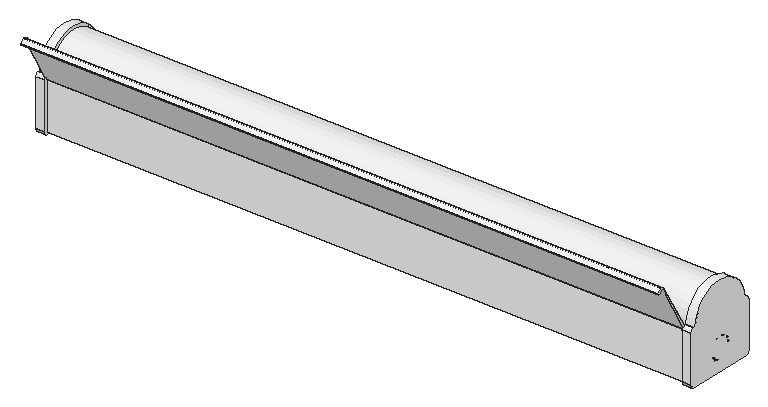
Revit family "0045171+0045232 Feilo Sylvania Lighting Fixture SYLBATTEN LED2 NW TP3 with ASYMMETRIC REFLECTOR ACCESSORY 600MM", category Lighting Fixtures, host Face, Revit 2017
Family settings
  Host = Face
  Round Connector Dimension = Use Diameter
  Part Type = Normal
  OmniClass Number = 23.80.70.00
  OmniClass Title = Lighting
  Cut with Voids When Loaded = No
  Light Source = Yes
  Shared = No
  Room Calculation Point = No
Parameters (values of type "0045171 SYLBATTEN LED2 NW TP3")
  Width_FEILO = 66 mm
  Weight = "1.416 kg"
  Wattage Comments = "n/a"
  Wattage = 22 W
  WarrantyStartDate [instance] = "n/a"
  WarrantyGuarantorParts = "n/a"
  WarrantyDurationUnit = "n/a"
  WarrantyDurationParts = "n/a"
  WarrantyDescription = "n/a"
  built-in parameter 1150110 = 1 (stored number, unit not read)
  Voltage = 230 V
  URL = "http://www.sylvania-lighting.com"
  TypeName = "SYLBATTEN LED2 NW TP3"
  Type Image = <None>
  Type Comments = "n/a"
  built-in parameter 1114217 = 1 (stored number, unit not read)
  Tilt Angle = -90.00°
  built-in parameter 1150109 = 1 (stored number, unit not read)
  built-in parameter 1150134 = 12
  SymReflector_FEILO = no
  built-in parameter 1150113 = 1 (stored number, unit not read)
  SerialNumber [instance] = "n/a"
  PowerFactor = 0
  PowerConsumption = "22 W"
  Photometric Web File = "0045171+0045232.ies"
  NominalLength = 605 mm
  NominalHeight = 91 mm
  NominalDepth = 122 mm
  Name = "SYLBATTEN LED2 NW TP3"
  ModelReference = Name  # "SYLBATTEN LED2 NW TP3"
  ModelNumber = "0045171"
  Model = Name  # "SYLBATTEN LED2 NW TP3"
  Material_4_FEILO = Reflector-Sylvania-Sylbatten-White
  Material_3_FEILO = Diffuser-Sylvania-Sylbatten-Glow
  Material_2_FEILO = Body-Sylvania-Sylbatten-White
  Material_1_FEILO = Body-Sylvania-Sylbatten-White
  Material = "sheet steel housing, polycarbonate diffuser"
  ManufacturerName = "Feilo Sylvania"
  Manufacturer = "Feilo Sylvania"
  LuminousEfficacy = "105.8 lm/W"
  built-in parameter 1150105 = 185.26 (stored number, unit not read)
  Lumens = 2328.04 lm
  LuminaireType = ""
  built-in parameter 1150115 = 1 (stored number, unit not read)
  LightOutputRatio = "100"
  built-in parameter 1150137 = (empty or 0)
  built-in parameter 1150139 = (empty or 0)
  Length_FEILO = 605 mm
  LampsType = Lamp  # "LED"
  LampNominalLuminous = "2328 lm"
  LampMacAdamStep = "n/a"
  LampColourTemperature = "4000 K"
  LampColourRenderingIndex = "80"
  built-in parameter 1150112 = 1 (stored number, unit not read)
  built-in parameter 1150114 = 1 (stored number, unit not read)
  Lamp = "LED"
  Keynote = "16500"
  InstallationDate [instance] = "n/a"
  InputVoltage = "220-240V~"
  InputNominalFrequency = "n/a"
  built-in parameter 1150132 = (empty or 0)
  built-in parameter 1150102 = (empty or 0)
  built-in parameter 1150107 = 4000 (stored number, unit not read)
  built-in parameter 1150138 = (empty or 0)
  IngressProtection = "IP20"
  ImpactProtectionIndex = "IK07"
  built-in parameter 1150106 = 1.8526 (stored number, unit not read)
  IfcExportType = "IfcLightFixtureType"
  IfcExportAs = "IfcLightFixtureType"
  Height_FEILO = 76 mm
  ExpectedLife = 50000
  Emit from Rectangle Width = Length_FEILO - 16 mm  # 589 mm
  Emit from Rectangle Length = Width_FEILO - 40 mm  # 26 mm
  Emit Shape Visible in Rendering = no
  ElectricShockClassification = "Class I"
  built-in parameter 1150104 = 9.831 (stored number, unit not read)
  DurationUnit = "hours"
  DocumentationLiterature = "http://www.sylvania-lighting.com/product/en-int/products/0045171"
  DimmingControlOptions = "n/a"
  Dimming Lamp Color Temperature Shift = <None>
  Description = "LED batten, T8 replacement, ease of installation through 2 part push-in design of the housing (safety cable included), through wiring capability (TP3 = 3 core), sheet steel, 2328LM, 22W, 106lm/W, 4000K, drive current: 350mA, CRI 80, 138° wide beam angle, electronic driver (non dimmable), IP20, IK07, 50,000 hrs (L70), (LxWxH) 605x66x76mm, 5 step MacAdam ellipse, 1.8kg, white RAL9016, Class 1, 220-240V, energy class: A++, A+, A."
  Default Elevation = 1219.2 mm
  CreatedOn = "1/25/2018"
  CreatedBy = ""
  Cost = 0
  Color Filter = 16777215
  built-in parameter 1114216 [instance] = (empty or 0)
  ClassificationValue = "EF_70_80"
  ClassificationName = "Uniclass2015"
  CapOffset_FEILO = 2 mm
  BarCode [instance] = "n/a"
  built-in parameter 1114218 = 1 (stored number, unit not read)
  BackReflector_FEILO = and(not(AsymReflector_FEILO), SymReflector_FEILO)  # no
  built-in parameter 1150133 = 10 (stored number, unit not read)
  FrontReflector_FEILO = or(AsymReflector_FEILO, SymReflector_FEILO)  # yes
  AsymReflector_FEILO = yes
  AssetType = "Fixed"
  AssetIdentifier [instance] = "n/a"
  Assembly Code = "D5020200"
  Apparent Load = 22 VA
Reference planes
  plane 1 "Center (Front/Back)": y = 0
  plane 2: z = 0
  plane 3 "Center (Left/Right)": x = 0
  plane 4: x = 302.5
  plane 5: x = -302.5
  plane 6: y = 33
  plane 7: y = -33
  plane 8: z = 76
  plane 9: z = 47
  plane 10: y = -29
  plane 11: y = 29
  plane 12: z = 20
  plane 13: z = 74
  plane 14: y = -31
  plane 15: y = -27
  plane 16: y = 27
  plane 17: y = 31
  plane 18: z = 2
  plane 19: x = -294.5
  plane 20: x = 294.5
  plane 21: z = 49
  plane 22: y = 1
  plane 23: y = -1
  plane 24: z = 21
  plane 25: z = 19
  plane 26: y = -61
  plane 27: y = 61
  plane 28: y = -56
  plane 29: y = 56
  plane 30: z = 91
  plane 31: z = 88
Forms (mm)
  Extrusion 1, solid, material "Body-Sylvania-Sylbatten-White" <- "Material_2_FEILO"
    sketch origin (0, 0, 0) x (0, 1, 0) y (0, 0, 1)
      loop
        line (-31, 2) -> (31, 2) -> (31, 45)
        arc (31, 45) -> (30.414, 46.414) -> (29, 47) r 2
        line (29, 47) -> (27, 47)
        arc (27, 47) -> (0, 74) -> (-27, 47) r 27
        line (-27, 47) -> (-29, 47)
        arc (-29, 47) -> (-30.414, 46.414) -> (-31, 45) r 2
        line (-31, 45) -> (-31, 2)
    from -294.5 to 294.5
  Extrusion 2, solid, material "Body-Sylvania-Sylbatten-White" <- "Material_2_FEILO"
    sketch origin (302.5, 1524, 1219.2) x (0, 1, 0) y (0, 0, 1)
      loop
        arc (-1494, -1219.2) -> (-1491.879, -1218.321) -> (-1491, -1216.2) r 3
        line (-1491, -1216.2) -> (-1491, -1173.2)
        arc (-1491, -1173.2) -> (-1491.879, -1171.079) -> (-1494, -1170.2) r 3
        line (-1494, -1170.2) -> (-1495.069, -1170.2)
        arc (-1495.069, -1170.2) -> (-1524, -1143.2) -> (-1552.931, -1170.2) r 29
        line (-1552.931, -1170.2) -> (-1554, -1170.2)
        arc (-1554, -1170.2) -> (-1556.121, -1171.079) -> (-1557, -1173.2) r 3
        line (-1557, -1173.2) -> (-1557, -1216.2)
        arc (-1557, -1216.2) -> (-1556.121, -1218.321) -> (-1554, -1219.2) r 3
        line (-1554, -1219.2) -> (-1494, -1219.2)
      loop
        arc (-1525, -1189.25) -> (-1531.071, -1192.129) -> (-1533.95, -1198.2) r 10
        line (-1533.95, -1198.2) -> (-1532.944, -1198.2)
        arc (-1532.944, -1198.2) -> (-1530.364, -1192.836) -> (-1525, -1190.256) r 9
        line (-1525, -1190.256) -> (-1525, -1189.25)
      loop
        arc (-1523, -1190.256) -> (-1517.636, -1192.836) -> (-1515.056, -1198.2) r 9
        line (-1515.056, -1198.2) -> (-1514.05, -1198.2)
        arc (-1514.05, -1198.2) -> (-1516.929, -1192.129) -> (-1523, -1189.25) r 10
        line (-1523, -1189.25) -> (-1523, -1190.256)
      loop
        line (-1532.944, -1200.2) -> (-1533.95, -1200.2)
        arc (-1533.95, -1200.2) -> (-1531.071, -1206.271) -> (-1525, -1209.15) r 10
        line (-1525, -1209.15) -> (-1525, -1208.144)
        arc (-1525, -1208.144) -> (-1530.364, -1205.564) -> (-1532.944, -1200.2) r 9
      loop
        arc (-1515.056, -1200.2) -> (-1517.636, -1205.564) -> (-1523, -1208.144) r 9
        line (-1523, -1208.144) -> (-1523, -1209.15)
        arc (-1523, -1209.15) -> (-1516.929, -1206.271) -> (-1514.05, -1200.2) r 10
        line (-1514.05, -1200.2) -> (-1515.056, -1200.2)
    from 0 to -8
  Extrusion 3, solid, material "Body-Sylvania-Sylbatten-White" <- "Material_2_FEILO"
    sketch origin (-302.5, 1524, 1219.2) x (0, 1, 0) y (0, 0, 1)
      loop
        arc (-1495.069, -1170.2) -> (-1524, -1143.2) -> (-1552.931, -1170.2) r 29
        line (-1552.931, -1170.2) -> (-1554, -1170.2)
        arc (-1554, -1170.2) -> (-1556.121, -1171.079) -> (-1557, -1173.2) r 3
        line (-1557, -1173.2) -> (-1557, -1216.2)
        arc (-1557, -1216.2) -> (-1556.121, -1218.321) -> (-1554, -1219.2) r 3
        line (-1554, -1219.2) -> (-1494, -1219.2)
        arc (-1494, -1219.2) -> (-1491.879, -1218.321) -> (-1491, -1216.2) r 3
        line (-1491, -1216.2) -> (-1491, -1173.2)
        arc (-1491, -1173.2) -> (-1491.879, -1171.079) -> (-1494, -1170.2) r 3
        line (-1494, -1170.2) -> (-1495.069, -1170.2)
      loop
        line (-1533.95, -1198.2) -> (-1532.944, -1198.2)
        arc (-1532.944, -1198.2) -> (-1530.364, -1192.836) -> (-1525, -1190.256) r 9
        line (-1525, -1190.256) -> (-1525, -1189.25)
        arc (-1525, -1189.25) -> (-1531.071, -1192.129) -> (-1533.95, -1198.2) r 10
      loop
        line (-1523, -1189.25) -> (-1523, -1190.256)
        arc (-1523, -1190.256) -> (-1517.636, -1192.836) -> (-1515.056, -1198.2) r 9
        line (-1515.056, -1198.2) -> (-1514.05, -1198.2)
        arc (-1514.05, -1198.2) -> (-1516.929, -1192.129) -> (-1523, -1189.25) r 10
      loop
        line (-1514.05, -1200.2) -> (-1515.056, -1200.2)
        arc (-1515.056, -1200.2) -> (-1517.636, -1205.564) -> (-1523, -1208.144) r 9
        line (-1523, -1208.144) -> (-1523, -1209.15)
        arc (-1523, -1209.15) -> (-1516.929, -1206.271) -> (-1514.05, -1200.2) r 10
      loop
        line (-1525, -1209.15) -> (-1525, -1208.144)
        arc (-1525, -1208.144) -> (-1530.364, -1205.564) -> (-1532.944, -1200.2) r 9
        line (-1532.944, -1200.2) -> (-1533.95, -1200.2)
        arc (-1533.95, -1200.2) -> (-1531.071, -1206.271) -> (-1525, -1209.15) r 10
    from 0 to 8
  Extrusion 4, solid, material "Reflector-Sylvania-Sylbatten-White" <- "Material_4_FEILO", visible <- "FrontReflector_FEILO"
    sketch origin (0, 0, 0) x (0, 1, 0) y (0, 0, 1)
      loop
        line (-61.257, 88.429) -> (-60.743, 87.571) -> (-56.621, 90.044)
        arc (-56.621, 90.044) -> (-56.237, 90.099) -> (-55.929, 89.863) r 0.5
        line (-55.929, 89.863) -> (-31.435, 46.753) -> (-30.565, 47.247) -> (-55.312, 90.802)
        arc (-55.312, 90.802) -> (-55.928, 91.275) -> (-56.696, 91.165) r 1
        line (-56.696, 91.165) -> (-61.257, 88.429)
    from -294.5 to 294.5
  Extrusion 5, solid, material "Reflector-Sylvania-Sylbatten-White" <- "Material_4_FEILO", visible <- "BackReflector_FEILO"
    sketch origin (0, 0, 0) x (0, 1, 0) y (0, 0, 1)
      loop
        line (30.565, 47.247) -> (31.435, 46.753) -> (55.932, 89.868)
        arc (55.932, 89.868) -> (56.245, 90.112) -> (56.638, 90.062) r 0.518
        line (56.638, 90.062) -> (61.033, 87.565) -> (61.527, 88.435) -> (56.682, 91.188)
        arc (56.682, 91.188) -> (55.922, 91.282) -> (55.318, 90.812) r 1
        line (55.318, 90.812) -> (30.565, 47.247)
    from -294.5 to 294.5
Lines and regions (mm)
  reference lines
    curve 1: line (0, -61, 88) -> (0, -56, 91)
    curve 2: line (0, -56, 91) -> (0, -31, 47)
    curve 3: line (0, 31, 47) -> (0, 56, 91)
    curve 4: line (0, 56, 91) -> (0, 61.28, 88)
Dimensions and locks
  equal spacing: plane 5, plane 3 "Center (Left/Right)", plane 4
  equal spacing: plane 7, plane 1 "Center (Front/Back)", plane 6
  "Width_FEILO": plane 7 to plane 6
  "Length_FEILO": plane 5 to plane 4
  "Height_FEILO": plane 8 to plane 2
  locked: plane 9 to plane 8 at 29
  equal spacing: plane 10, plane 1 "Center (Front/Back)", plane 11
  locked: plane 7 to plane 10 at 4
  locked: plane 12 to plane 2 at 20
  "CapOffset_FEILO": plane 13 to plane 8
  "CapOffset_FEILO": plane 7 to plane 14
  "CapOffset_FEILO": plane 10 to plane 15
  "CapOffset_FEILO": plane 17 to plane 6
  "CapOffset_FEILO": plane 16 to plane 11
  "CapOffset_FEILO": plane 18 to plane 2
  locked: plane 14 to Extrusion 1 sketch curve at 2
  locked: Extrusion 1 sketch curve to plane 9 at 2  (x2)
  locked: plane 16 to Extrusion 1 sketch curve at 2
  equal spacing: plane 19, plane 3 "Center (Left/Right)", plane 20
  locked: plane 5 to plane 19 at 8
  "CapOffset_FEILO": plane 9 to plane 21
  locked: Extrusion 2 sketch curve to plane 2 at 47
  locked: Extrusion 1 sketch curve to plane 2 at 47
  locked: Extrusion 2 sketch curve to plane 2 at 3  (x2)
  locked: plane 7 to Extrusion 2 sketch curve at 3  (x2)
  locked: Extrusion 2 sketch curve to plane 6 at 3  (x2)
  locked: Extrusion 2 sketch curve to plane 21 at 3  (x2)
  equal spacing: plane 23, plane 1 "Center (Front/Back)", plane 22
  equal spacing: plane 25, plane 12, plane 24
  plane 30 to plane 31 to plane 2 = 3 mm locked, 88 mm locked
  plane 28 to plane 29 = 112 mm
  plane 26 to plane 27 = 122 mm
  aligned and locked: plane 2 to host face
  aligned and locked: level to host face
  aligned and locked: plane 18 to Extrusion 1 sketch curve
  aligned and locked: plane 14 to Extrusion 1 sketch curve
  aligned and locked: Extrusion 1 sketch curve to plane 9  (x2)
  aligned and locked: Extrusion 1 sketch curve to plane 17
  aligned and locked: plane 15 to Extrusion 1 sketch curve
  aligned and locked: plane 16 to Extrusion 1 sketch curve
  aligned and locked: plane 9 to Extrusion 1 sketch curve
  aligned and locked: plane 20 to Extrusion 1
  aligned and locked: level to Extrusion 2 sketch curve
  aligned and locked: Extrusion 2 sketch curve to plane 7
  aligned and locked: plane 21 to Extrusion 2 sketch curve
  aligned and locked: Extrusion 2 sketch curve to plane 21
  aligned and locked: plane 1 "Center (Front/Back)" to Extrusion 2 sketch curve  (x3)
  aligned and locked: Extrusion 2 to Extrusion 1
  aligned and locked: plane 4 to Extrusion 2
  aligned and locked: plane 12 to Extrusion 2 sketch curve  (x2)
  aligned and locked: Extrusion 2 sketch curve to plane 22
  aligned and locked: Extrusion 2 sketch curve to plane 23
  aligned and locked: Extrusion 2 sketch curve to plane 24
  aligned and locked: Extrusion 2 sketch curve to plane 25
  aligned and locked: plane 25 to Extrusion 2 sketch curve
  aligned and locked: plane 22 to Extrusion 2 sketch curve
  aligned and locked: plane 24 to Extrusion 2 sketch curve
  aligned and locked: plane 23 to Extrusion 2 sketch curve  (x2)
  aligned and locked: Extrusion 3 sketch curve to Extrusion 2  (x22)
  aligned and locked: Extrusion 3 to Extrusion 1
  aligned and locked: Extrusion 3 to plane 5
  aligned and locked: plane 19 to Extrusion 3
  aligned and locked: plane 31 to curve 1
  aligned and locked: plane 30 to curve 1
  aligned and locked: plane 14 to curve 2
  aligned and locked: plane 9 to curve 2
  aligned and locked: plane 17 to curve 3
  aligned and locked: plane 30 to curve 3
  aligned and locked: plane 31 to curve 4
  aligned and locked: Extrusion 4 sketch curve to curve 2
  aligned and locked: Extrusion 4 sketch curve to curve 1
  aligned and locked: Extrusion 4 to Extrusion 1
  aligned and locked: Extrusion 1 to Extrusion 4
  aligned and locked: imposter light to plane 1 "Center (Front/Back)"
  aligned and locked: imposter light to plane 3 "Center (Left/Right)"
  aligned and locked: imposter light to plane 13
  aligned and locked: Extrusion 5 sketch curve to curve 4
  aligned and locked: Extrusion 5 sketch curve to curve 3
  aligned and locked: Extrusion 1 to Extrusion 5
  aligned and locked: Extrusion 5 to Extrusion 1
Automatic sketch dimensions
  host sketch curve to host sketch curve = 2438.4 mm  (x2)
  Extrusion 2 sketch curve to Extrusion 2 sketch curve = 0 mm  (x14)
  Extrusion 2 sketch curve to plane 10 = 0.069 mm
  plane 23 to Extrusion 2 sketch curve = 8.95 mm
  Extrusion 2 sketch curve to Extrusion 2 sketch curve = 1.006 mm  (x4)
  Extrusion 2 sketch curve to plane 22 = 7.944 mm
  curve 1 to plane 26 = 0 mm
  curve 2 to plane 28 = 0 mm
  curve 4 to plane 29 = 0 mm
  plane 9 to curve 3 = 0 mm
  plane 26 to Extrusion 4 sketch curve = 0.257 mm
  Extrusion 4 sketch curve to plane 26 = 0.257 mm
  Extrusion 4 sketch curve to plane 30 = 0.165 mm
  plane 28 to Extrusion 4 sketch curve = 0.696 mm
  plane 28 to Extrusion 4 sketch curve = 0.621 mm
  plane 28 to Extrusion 4 sketch curve = 0.364 mm
  plane 28 to Extrusion 4 sketch curve = 0.182 mm
  Extrusion 4 sketch curve to plane 28 = 0.071 mm
  plane 30 to Extrusion 4 sketch curve = 0.198 mm
  Extrusion 4 sketch curve to plane 28 = 0.688 mm
  plane 9 to Extrusion 4 sketch curve = 0.247 mm
  plane 1 "Center (Front/Back)" to Extrusion 4 sketch curve = 31.435 mm
  Extrusion 5 sketch curve to plane 9 = 0.247 mm
  Extrusion 5 sketch curve to plane 1 "Center (Front/Back)" = 30.565 mm
  plane 9 to Extrusion 5 sketch curve = 0.247 mm
  plane 30 to Extrusion 5 sketch curve = 0.188 mm
  plane 29 to Extrusion 5 sketch curve = 0.068 mm
  Extrusion 5 sketch curve to plane 29 = 0.188 mm
  Extrusion 5 sketch curve to plane 29 = 0.382 mm
  Extrusion 5 sketch curve to Extrusion 5 sketch curve = 0.256 mm
  Extrusion 5 sketch curve to plane 30 = 0.188 mm
  Extrusion 5 sketch curve to plane 29 = 0.682 mm
  Extrusion 5 sketch curve to plane 27 = 0.033 mm
  Extrusion 5 sketch curve to plane 27 = 0.527 mm
Connectors
  electrical at (0, 0, 0), driven by "Apparent Load", driven by "PowerFactor", driven by "Voltage"
    settings: index 1, voltage 230 V, apparent load 22 VA, apparent load phase1 0 VA, apparent load phase2 0 VA, apparent load phase3 0 VA, power factor 0, load classification "Lighting", number of poles 1, system type 30, power factor state 1, is connector primary yes, connector utility no, sub classification motor no, connector description ""
